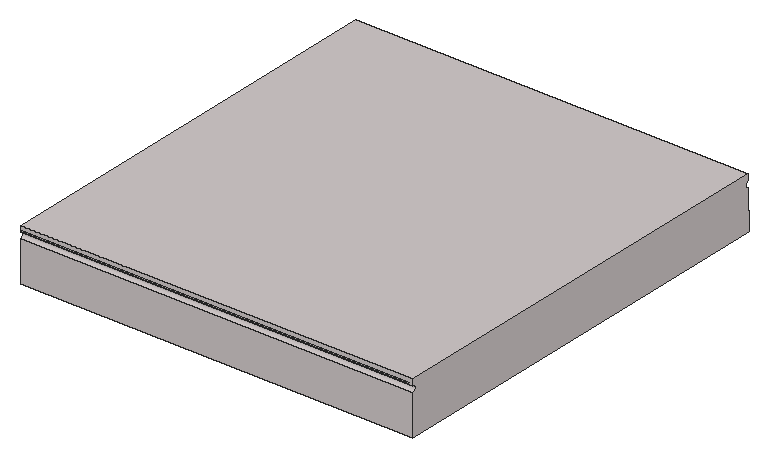
Revit family "M_Pré-moldado-Laje plana sólida", category Quadro estrutural, Revit 2019
Family settings
  Exibir em vistas ocultas = Arestas ocultadas por outros membros
  Arredondamento do comprimento do framing estrutural = 0 mm
  Forma do corte = Não definido
  Material para o comportamento do modelo = Concreto pré-moldado
  Exportar sempre como geometria = Não
  Número OmniClass = 23.25.30.11
  Título OmniClass = Structural Frames
  ID de item do Seek = Precast-Solid Flat Slab-0000-CAN-ENU
  Sempre na vertical = Sim
  Corte com vazios quando carregada = Não
  Representação simbólica = Da família
  Compartilhado = Não
  Exibir o pré-corte da família na vista da planta = Sim
Parameters (values of type "1200x150mm")
  Structural Material [instance] = Concreto - Moldado in loco - 35 MPa
  Assembly Code = ""
  Linear = 150 mm
  Length [instance] = 1500 mm
  Largura = 1200 mm
Types (13, lengths in mm): name | Linear | Largura
  (no name) | 150 | 1200
  1200x100mm | 100 | 1200
  1000x250mm | 250 | 1000
  1000x100mm | 100 | 1000
  1000x150mm | 150 | 1000
  1000x200mm | 200 | 1000
  1200x150mm | 150 | 1200
  1200x200mm | 200 | 1200
  1200x250mm | 200 | 1200
  1500x100mm | 100 | 1500
  1500x150mm | 150 | 1500
  1500x200mm | 200 | 1500
  1500x250mm | 250 | 1500
Reference planes
  plane 1 "Centro (Frente/Trás)": y = 0
  plane 2: z = 0
  plane 3 "Centro (Esquerda/Direita)": x = 4.61
  plane 4 "Membro esquerdo": x = -557.39
  plane 5 "Membro direito": x = 566.61
  plane 6: y = 600
  plane 7: y = -600
  plane 8: z = 75
  plane 9 "Inferior": z = -75
  plane 10 "Esquerda": x = -757.39
  plane 11 "Direita": x = 742.61
Dimensions and locks
  "Largura": plane 6 to plane 7
  equal spacing: plane 9 "Inferior", plane 2, plane 8
  equal spacing: plane 6, plane 1 "Centro (Frente/Trás)", plane 7
  "Linear": plane 9 "Inferior" to plane 8
  "Length": plane 10 "Esquerda" to plane 11 "Direita"
  aligned and locked: plane 4 "Membro esquerdo" to nested 1
  aligned and locked: plane 5 "Membro direito" to nested 1
Nested families
  nested 1: "M_Plano sólido" at (566.61, 0, 0) x (-1, 0, 0) z (0, 0, 1), Linear <- "Linear", Largura <- "Largura", Material <- "Structural Material", type "M_Plano sólido"
    with Largura 1200 mm, Material Concreto - Moldado in loco - 35 MPa, built-in parameter 1001306 3.6877 (stored number, unit not read), Linear 150 mm
Definition of nested family "M_Plano sólido"
  Parameters
    Largura [instance] = 1200 mm
    Material [instance] = none
    built-in parameter 1001306 [instance] = 1200 mm
    Linear [instance] = 100 mm
    Assembly Code = ""
  Reference planes
    plane 1 "Centro (Frente/Trás)": y = 0
    plane 2: z = 0
    plane 3 "Esquerda": x = 0
    plane 4 "Direita": x = 1200
    plane 5: z = 50
    plane 6: z = -50
    plane 7: y = -600
    plane 8: y = 600
    plane 9: z = 24.6
  Forms (mm)
    Extrusion 1, solid, material <- "Material"
      sketch origin (0, 0, 0) x (0, 1, 0) y (0, 0, 1)
        loop
          line (600, 50) -> (-600, 50) -> (-600, 34.125)
          arc (-600, 34.125) -> (-590.475, 24.6) -> (-600, 15.075) r 9.525
          line (-600, 15.075) -> (-600, -50) -> (600, -50) -> (600, 15.075)
          arc (600, 15.075) -> (590.475, 24.6) -> (600, 34.125) r 9.525
          line (600, 34.125) -> (600, 50)
      from 0 to 1200
  Lines and regions (mm)
    reference lines
      curve 1: line (0, 0, 0) -> (1200, 0, 0)
  Dimensions and locks
    "built-in parameter 1001306": plane 3 "Esquerda" to plane 4 "Direita"
    "Linear": plane 5 to plane 6
    equal spacing: plane 5, level, plane 6
    "Largura": plane 8 to plane 7
    equal spacing: plane 8, plane 1 "Centro (Frente/Trás)", plane 7
    locked: plane 5 to plane 9 at 25.4
    radius of Extrusion 1 sketch curve = 9.525 mm  (x2)
    aligned and locked: plane 4 "Direita" to curve 1
    aligned and locked: plane 1 "Centro (Frente/Trás)" to curve 1
    aligned and locked: plane 3 "Esquerda" to curve 1
    aligned and locked: Extrusion 1 to plane 3 "Esquerda"
    aligned and locked: plane 4 "Direita" to Extrusion 1
    aligned and locked: Extrusion 1 sketch curve to plane 6
    aligned and locked: plane 5 to Extrusion 1 sketch curve
    aligned and locked: plane 8 to Extrusion 1 sketch curve
    aligned and locked: Extrusion 1 sketch curve to plane 7
  Automatic sketch dimensions
    Extrusion 1 sketch curve to plane 9 = 0 mm  (x2)
